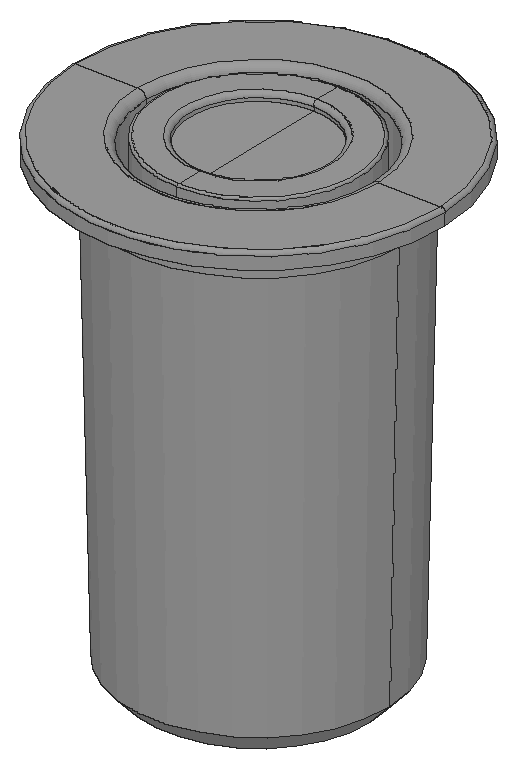
Revit family "0059827 Feilo Sylvania Lighting Fixture SYLFIRE LED G2 WH TLT WW DIM DC", category Lighting Fixtures, host Face, Revit 2017 (continued)
Definition of nested family "SylFire Tiltable Head"
  Types (2, lengths in mm): name | built-in parameter 1150134 | Photometric Web File | built-in parameter 1150142 | Model | built-in parameter 1150105 | Lumens | built-in parameter 1150107 | built-in parameter 1150106 | built-in parameter 1150104
    0059828 SYLFIRE LED G2 WH TLT NW DIM DC | 12 | "0059828.ies" | "IESNA:LM-63-2002\r\n[MANUFAC] /Eulumdat/INVENTFINE\r\n[_EULUMDAT_ITYP] 3\r\n[_EULUMDAT_HDIST] 90.0\r\n[_EULUMD_VDIST] 1.0\r\n[TEST] 0059828\r\n[LUMINAIRE] LED  LINGHTING\r\n[LUMCAT] 0059828\r\n[_EULUM_FILENAME] SYLFIRE LED II WH TLT NW DIM DC.ldt\r\n[ISSUEDATE] 2017-9-4 1/\r\n[_EULUM_AREALENGTH] 41\r\n[_EULUM_AREAWIDTH] 0\r\n[_EULUM_C0_LUM] 0\r\n[_EULUM_C90_LUM] 0\r\n[_EULUM_C180_LUM] 0\r\n[_EULUM_C270_LUM] 0\r\n[_EULUM_DOWN_FLUX] 99.9\r\n[_EULUM_EFFICIENCY] 100.0\r\n[_EULUM_CONV] 1.000\r\n[_EULUM_TILT] 0.0\r\n[_EULUM_LAMP_1_NUM] 1\r\n[_EULUM_LAMP_1_TYPE] \r\n[_EULUM_LAMP_1_FLUX] 746\r\n[_EULUM_LAMP_1_COLOR] 3000K\r\n[_EULUM_LAMP_1_CRG] \r\n[_EULUM_LAMP_1_WATTS] 8.30\r\n[LAMP] \r\n[_EULUM_DR_0] 0.778\r\n[_EULUM_DR_1] 0.88\r\n[_EULUM_DR_2] 0.926\r\n[_EULUM_DR_3] 0.953\r\n[_EULUM_DR_4] 0.957\r\n[_EULUM_DR_5] 0.97\r\n[_EULUM_DR_6] 0.976\r\n[_EULUM_DR_7] 0.982\r\n[_EULUM_DR_8] 0.988\r\n[_EULUM_DR_9] 0.996\r\nTILT=NONE\r\n1 746 1 181 5 1 2 -0.041 -0.041 0\r\n1 1 8.3\r\n0 1 2 3 4 5 6 7 8 9 10 11 12 13 14 15 16 17 18 19 20 21 22 23 24 25 26 27 28 29 30 31 32 33 34 35 36 37 38 39 40 41 42 43 44 45 46 47 48 49 50 51 52 53 54 55 56 57 58 59 60 61 62 63 64 65 66 67 68 69 70 71 72 73 74 75 76 77 78 79 80 81 82 83 84 85 86 87 \r\n88 89 90 91 92 93 94 95 96 97 98 99 100 101 102 103 104 105 106 107 108 109 110 111 112 113 114 115 116 117 118 119 120 121 122 123 124 125 126 127 128 129 130 131 132 133 134 135 136 137 138 139 140 141 142 143 144 145 146 147 148 149 150 151 152 153 154\r\n 155 156 157 158 159 160 161 162 163 164 165 166 167 168 169 170 171 172 173 174 175 176 177 178 179 180\r\n0 90 180 270 360\r\n1361.6216 1370.8943 1358.1453 1336.3322 1319.6665 1298.8083 1268.0284 1236.9575 1210.0045 1199.5754 1191.1158 1167.3931 1129.5634 1089.8761 1031.3375 969.5837 914.4766 861.4882 804.2626 749.2078 692.9072 632.6602 568.4371 509.7493 452.1282 405.175 \r\n367.3528 335.7746 309.6348 289.8359 270.1415 251.9093 235.0795 213.2665 193.1245 174.288 157.0106 142.292 130.2591 118.8229 107.7895 98.1736 89.0575 80.8515 72.9886 65.5361 57.1138 48.0051 38.8368 33.0403 28.0496 24.8343 21.455 19.493 17.7846 16.3672 \r\n14.6067 12.5477 10.4738 8.9147 7.5048 6.7513 6.2962 5.9456 5.5353 5.0877 4.5282 4.0806 3.5286 2.9169 2.3723 1.9098 1.3577 0.8131 0.2536 0.00 0.00 0.00 0.00 0.00 0.00 0.00 0.00 0.00 0.00 0.00 0.00 0.00 0.00 0.00 0.00 0.00 0.00 0.00 0.00 0.00 0.00 0.00 0.00\r\n 0.00 0.00 0.00 0.00 0.00 0.00 0.00 0.00 0.00 0.00 0.00 0.00 0.00 0.00 0.00 0.00 0.00 0.00 0.00 0.00 0.00 0.00 0.00 0.00 0.00 0.00 0.00 0.00 0.00 0.00 0.00 0.00 0.00 0.00 0.00 0.00 0.00 0.00 0.00 0.00 0.00 0.00 0.00 0.00 0.00 0.00 0.00 0.097 0.2536 0.4476\r\n 0.649 0.8131 0.9623 1.1115 1.1563 1.2607 1.313 1.313 1.4099 1.313 1.313 1.2607 1.313 1.1563 1.0593 1.0071 0.9101 0.8579 0.8131 0.7609 0.7609 0.649 0.5968 0.552 0.4476 0.4998 0.4998 0.552 0.552 0.5968 0.5968 0.552\r\n1361.6216 1384.3821 1377.8247 1347.3431 1307.7678 1277.9054 1276.7789 1283.6869 1270.2291 1228.8783 1185.2373 1136.9711 1087.0861 1042.0277 1005.2872 970.3297 934.3127 893.984 854.1551 808.0746 766.1569 724.9031 676.2341 627.9753 585.1027 553.905 524.0874\r\n 488.063 454.9854 426.9955 403.116 370.195 337.0204 305.1215 269.1046 229.0742 195.7429 159.6813 131.3781 106.581 82.9179 58.4193 44.193 36.1213 29.3626 23.9242 18.0383 15.4497 14.1292 13.2564 12.8088 12.2419 10.8692 10.0113 9.5488 8.9445 8.1239 7.2586 \r\n6.4007 5.7367 5.2369 4.9311 4.6774 4.3641 4.1627 3.7598 3.4092 2.9467 2.4916 2.0366 1.5741 1.119 0.552 0.00 0.00 0.00 0.00 0.00 0.00 0.00 0.00 0.00 0.00 0.00 0.00 0.00 0.00 0.00 0.00 0.00 0.00 0.00 0.00 0.00 0.00 0.00 0.00 0.00 0.00 0.00 0.00 0.00 0.00 \r\n0.00 0.00 0.00 0.00 0.00 0.00 0.00 0.00 0.00 0.00 0.00 0.00 0.00 0.00 0.00 0.00 0.00 0.00 0.00 0.00 0.00 0.00 0.00 0.00 0.00 0.00 0.00 0.00 0.00 0.00 0.00 0.00 0.00 0.00 0.00 0.00 0.00 0.00 0.00 0.00 0.00 0.00 0.00 0.00 0.2014 0.4028 0.6043 0.8131 0.9698 \r\n1.119 1.2682 1.3726 1.4696 1.5218 1.5741 1.5741 1.5741 1.5741 1.5218 1.4696 1.4249 1.3726 1.2682 1.1712 1.022 0.8654 0.7684 0.6565 0.6043 0.552 0.552 0.5073 0.5073 0.5073 0.5073 0.5073 0.5073 0.4551\r\n1361.6216 1337.9509 1304.6943 1263.6494 1208.7886 1160.3358 1126.4899 1102.0061 1076.0155 1041.1624 1006.257 971.8515 931.3511 891.5148 854.8936 820.8387 785.6797 755.2579 726.6935 692.2955 656.6292 619.9111 582.5887 549.6976 518.0597 487.4886 454.7467 \r\n418.9834 390.9338 361.5564 328.419 295.8711 266.9113 235.8927 208.1265 183.9561 159.9275 140.4867 118.6662 96.1072 76.659 62.2015 52.8392 41.4105 31.884 26.0429 21.7161 15.7182 12.5999 11.4884 11.0259 10.5783 10.2277 9.9293 9.2206 8.6685 7.8554 7.0497 \r\n6.3485 5.789 5.2891 4.9907 4.7371 4.4312 4.0284 3.6256 3.1183 2.6185 2.0664 1.5069 0.9623 0.3506 0.00 0.00 0.00 0.00 0.00 0.00 0.00 0.00 0.00 0.00 0.00 0.00 0.00 0.00 0.00 0.00 0.00 0.00 0.00 0.00 0.00 0.00 0.00 0.00 0.00 0.00 0.00 0.00 0.00 0.00 0.00 \r\n0.00 0.00 0.00 0.00 0.00 0.00 0.00 0.00 0.00 0.00 0.00 0.00 0.00 0.00 0.00 0.00 0.00 0.00 0.00 0.00 0.00 0.00 0.00 0.00 0.00 0.00 0.00 0.00 0.00 0.00 0.00 0.00 0.00 0.00 0.00 0.00 0.00 0.00 0.00 0.00 0.00 0.00 0.00 0.00 0.00 0.00 0.00 0.00 0.00 0.00 0.00 \r\n0.0522 0.097 0.1492 0.1492 0.1492 0.1492 0.1492 0.1492 0.097 0.097 0.0522 0.0522 0.097 0.097 0.097 0.097 0.097 0.097 0.1492 0.1492 0.2014 0.2984 0.4028 0.4476 0.4998 0.552 0.5968\r\n1361.6216 1313.1539 1262.8586 1227.2446 1206.006 1203.4696 1204.8496 1195.756 1173.8534 1144.4908 1101.3571 1039.3346 973.6866 914.8123 874.3716 832.0511 794.2065 754.4223 707.1782 654.5479 600.6419 552.1295 506.4519 467.0333 428.8828 395.1935 363.5929 \r\n332.7085 304.8156 277.1763 250.7604 227.7986 206.463 183.8069 163.941 146.3577 130.0502 116.0403 104.7533 94.5406 84.1339 75.1371 67.6697 61.269 55.4278 50.3998 46.1326 42.7756 39.5753 35.4648 32.354 27.3334 22.1562 20.7313 19.3065 17.7772 16.4045 15.1886\r\n 13.5623 12.0404 10.7722 9.601 8.9445 8.3776 7.9225 7.3183 6.6543 6.1023 5.4831 4.8788 4.3193 3.7598 3.1929 2.5886 1.9247 1.2682 0.9176 0.7162 0.552 0.4551 0.4028 0.3059 0.00 0.00 0.00 0.00 0.00 0.00 0.00 0.00 0.00 0.00 0.00 0.00 0.00 0.00 0.00 0.00 0.00 \r\n0.00 0.00 0.00 0.00 0.00 0.00 0.00 0.00 0.00 0.00 0.00 0.00 0.00 0.00 0.00 0.00 0.00 0.00 0.00 0.00 0.00 0.00 0.00 0.00 0.00 0.00 0.00 0.00 0.00 0.00 0.00 0.00 0.00 0.00 0.00 0.00 0.00 0.00 0.00 0.00 0.00 0.00 0.00 0.00 0.00 0.00 0.00 0.00 0.00 0.00 0.00 \r\n0.00 0.0522 0.1044 0.2014 0.2536 0.3506 0.4028 0.4028 0.4551 0.4028 0.4551 0.4028 0.4028 0.4028 0.3506 0.3059 0.2536 0.2014 0.2014 0.2014 0.2014 0.2014 0.2014 0.2014 0.2014 0.2536 0.2536 0.3506 0.4028 0.4551 0.5073\r\n1361.6216 1370.8943 1358.1453 1336.3322 1319.6665 1298.8083 1268.0284 1236.9575 1210.0045 1199.5754 1191.1158 1167.3931 1129.5634 1089.8761 1031.3375 969.5837 914.4766 861.4882 804.2626 749.2078 692.9072 632.6602 568.4371 509.7493 452.1282 405.175 \r\n367.3528 335.7746 309.6348 289.8359 270.1415 251.9093 235.0795 213.2665 193.1245 174.288 157.0106 142.292 130.2591 118.8229 107.7895 98.1736 89.0575 80.8515 72.9886 65.5361 57.1138 48.0051 38.8368 33.0403 28.0496 24.8343 21.455 19.493 17.7846 16.3672 \r\n14.6067 12.5477 10.4738 8.9147 7.5048 6.7513 6.2962 5.9456 5.5353 5.0877 4.5282 4.0806 3.5286 2.9169 2.3723 1.9098 1.3577 0.8131 0.2536 0.00 0.00 0.00 0.00 0.00 0.00 0.00 0.00 0.00 0.00 0.00 0.00 0.00 0.00 0.00 0.00 0.00 0.00 0.00 0.00 0.00 0.00 0.00 0.00\r\n 0.00 0.00 0.00 0.00 0.00 0.00 0.00 0.00 0.00 0.00 0.00 0.00 0.00 0.00 0.00 0.00 0.00 0.00 0.00 0.00 0.00 0.00 0.00 0.00 0.00 0.00 0.00 0.00 0.00 0.00 0.00 0.00 0.00 0.00 0.00 0.00 0.00 0.00 0.00 0.00 0.00 0.00 0.00 0.00 0.00 0.00 0.00 0.097 0.2536 0.4476\r\n 0.649 0.8131 0.9623 1.1115 1.1563 1.2607 1.313 1.313 1.4099 1.313 1.313 1.2607 1.313 1.1563 1.0593 1.0071 0.9101 0.8579 0.8131 0.7609 0.7609 0.649 0.5968 0.552 0.4476 0.4998 0.4998 0.552 0.552 0.5968 0.5968 0.552\r\n" | "SYLFIRE LED G2 WH TLT NW DIM DC" | 1150.6 (stored number, unit not read) | 620 lm | 4000 (stored number, unit not read) | 11.506 (stored number, unit not read) | 7.2 (stored number, unit not read)
  Reference planes
    plane 1 "Center (Front/Back)": y = 0
    plane 2: z = 0
    plane 3 "Center (Left/Right)": x = 0
    plane 4: x = -25
    plane 5: z = 11
    plane 6: z = -24
    plane 7: x = -17
    plane 8: z = 9
    plane 9: x = -24.5
    plane 10: z = 10.5
    plane 11: z = 9.8
    plane 12: x = -18.2
  Forms (mm)
    Extrusion 1, solid
      sketch origin (4.2, 0, 0) x (1, 0, 0) y (0, 1, 0)
        loop
          line (-1219.2, 1219.2) -> (-1219.2, -1219.2) -> (1219.2, -1219.2) -> (1219.2, 1219.2) -> (-1219.2, 1219.2)
      from 0 to -68.017
    Revolve 2, solid, material <- "Material_1_FEILO"
      sketch origin (0, 0, 0) x (1, 0, 0) y (0, 0, 1)
        loop
          line (0, 9) -> (-17, 9) -> (-17, 9.8)
          arc (-17, 9.8) -> (-17.351, 10.649) -> (-18.2, 11) r 1.2
          line (-18.2, 11) -> (-24.5, 11)
          arc (-24.5, 11) -> (-24.854, 10.854) -> (-25, 10.5) r 0.5
          line (-25, 10.5) -> (-25, -24) -> (0, -24) -> (0, 9)
        axis (0, 11) -> (0, -24)
      angle from 360 to 0
  Dimensions and locks
    locked: plane 5 to plane 2 at 11
    locked: plane 5 to plane 6 at 35
    locked: plane 3 "Center (Left/Right)" to plane 4 at 25
    locked: plane 7 to plane 12 at 1.2
    locked: plane 5 to plane 11 at 1.2
    locked: plane 3 "Center (Left/Right)" to plane 7 at 17
    locked: plane 9 to plane 4 at 0.5
    locked: plane 5 to plane 10 at 0.5
    locked: plane 5 to plane 8 at 2
    plane 5 to plane 11 = 1.2 mm
    aligned and locked: plane 2 to Extrusion 1
    aligned and locked: level to Extrusion 1
    aligned and locked: Revolve 2 sketch curve to plane 3 "Center (Left/Right)"  (x2)
    aligned and locked: plane 3 "Center (Left/Right)" to Revolve 2 sketch curve
    aligned and locked: Revolve 2 sketch curve to plane 8
    aligned and locked: Revolve 2 sketch curve to plane 6
    aligned and locked: plane 4 to Revolve 2 sketch curve
    aligned and locked: plane 5 to Revolve 2 sketch curve
    aligned and locked: plane 9 to Revolve 2 sketch curve
    aligned and locked: plane 10 to Revolve 2 sketch curve
    aligned and locked: plane 12 to Revolve 2 sketch curve
    aligned and locked: plane 11 to Revolve 2 sketch curve
    aligned and locked: plane 3 "Center (Left/Right)" to imposter light
    aligned and locked: imposter light to plane 8
    aligned and locked: imposter light to plane 1 "Center (Front/Back)"
  Connectors
    electrical at (0, 0, 0), driven by "Apparent Load"
      settings: index 1, voltage 230 V, apparent load 8 VA, apparent load phase1 0 VA, apparent load phase2 0 VA, apparent load phase3 0 VA, power factor 0, load classification none, number of poles 1, system type 30, power factor state 1, is connector primary yes, connector utility no, sub classification motor no, connector description ""
